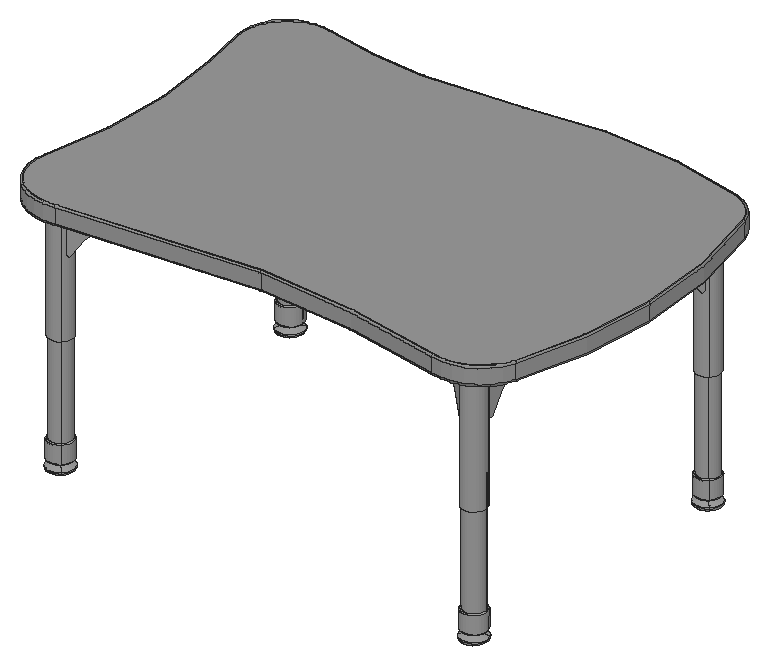
Revit family "Hierarchy Beluga Standard Desk - Youth Height", category Furniture, Revit 2018
Family settings
  Work Plane-Based = No
  Always vertical = Yes
  Cut with Voids When Loaded = No
  Shared = No
  Room Calculation Point = No
Parameters
  Surface = Hierarchy Beluga Desk Standard Youth Surface
  Leg Finish = Hierarchy Leg Platinum
  Height = 1' - 4"
  Edgeband = Hierarchy Beluga Desk Standard Youth Edgeband
  Casters/Gliders = Hierarchy Youth Leg - Glide : Hierarchy Youth Leg - Glide
Reference planes (in)
  plane 1 "Center (Front/Back)": y = 0
  plane 2: z = 0
  plane 3 "Center (Left/Right)": x = 0
  plane 4: z = 16
Dimensions and locks (in)
  "Height": plane 4 to level
  aligned and locked: plane 2 to level
  aligned and locked: nested 1 to plane 4
Nested families (in)
  nested 1: "Beluga Medium Tabletop" at (0, 0, -12.16932), type "Beluga Medium Tabletop"
  nested 2: "Hierarchy Youth Leg - Glide" at (-14.07723, 10.07218, 0) x (0.7166, 0.6975, 0) z (0, 0, 1), type <- "Casters/Gliders", Leg Finish <- "Leg Finish", Leg Height <- "Height", type "Hierarchy Youth Leg - Glide"
    with Leg Height 1' - 4", Leg Finish Hierarchy Leg Platinum
  nested 3: "Hierarchy Youth Leg - Glide" at (-14.27231, -8.66326, 0) x (-0.7071, 0.7071, 0) z (0, 0, 1), type <- "Casters/Gliders", Leg Finish <- "Leg Finish", Leg Height <- "Height", type "Hierarchy Youth Leg - Glide"
    with Leg Height 1' - 4", Leg Finish Hierarchy Leg Platinum
  nested 4: "Hierarchy Youth Leg - Glide" at (13.60932, -9.32872, 0) x (-0.8749, -0.4844, 0) z (0, 0, 1), Leg Finish <- "Leg Finish", Leg Height <- "Height", type "Hierarchy Youth Leg - Glide"
    with Leg Height 1' - 4", Leg Finish Hierarchy Leg Platinum
  nested 5: "Hierarchy Youth Leg - Glide" at (14.16725, 9.31424, 0) x (0.6975, -0.7166, 0) z (0, 0, 1), Leg Finish <- "Leg Finish", Leg Height <- "Height", type "Hierarchy Youth Leg - Glide"
    with Leg Height 1' - 4", Leg Finish Hierarchy Leg Platinum
Definition of nested family "Beluga Medium Tabletop"
  Parameters (values of type "Beluga Medium Tabletop")
    Surface = none
    Edgeband = none
  Reference planes (in)
    plane 1 "Center (Front/Back)": y = 0
    plane 2: z = 0
    plane 3 "Center (Left/Right)": x = 0
  Forms (in)
    Extrusion 1, solid, material <- "Surface"
      sketch origin (0, 0, 0) x (1, 0, 0) y (0, 1, 0)
        loop
          arc (-13.05798, 12.08168) -> (-15.64341, 11.36326) -> (-16.46477, 8.80867) r 2.82789
          line (-16.46477, 8.80867) -> (-15.88516, 5.68142)
          arc (-15.88516, 5.68142) -> (-15.40806, -0.79534) -> (-16.35239, -7.22063) r 29.65208
          arc (-16.35239, -7.22063) -> (-15.56424, -10.17848) -> (-12.64139, -11.08784) r 3.16705
          arc (-12.64139, -11.08784) -> (-6.35331, -10.12649) -> (0, -9.81097) r 62.33765
          arc (0, -9.81097) -> (6.2572, -10.16084) -> (12.43935, -11.18852) r 57.59241
          arc (12.43935, -11.18852) -> (14.6727, -10.8588) -> (16.1145, -9.12163) r 3.15622
          arc (16.1145, -9.12163) -> (17.2485, -4.62246) -> (17.65018, 0) r 28.9898
          arc (17.65018, 0) -> (17.26847, 4.97473) -> (16.06857, 9.81765) r 30.03763
          arc (16.06857, 9.81765) -> (15.33862, 10.95737) -> (14.16003, 11.62272) r 2.80546
          arc (14.16003, 11.62272) -> (7.04441, 12.69556) -> (-0.12141, 12.03676) r 29.89142
          arc (-0.12141, 12.03676) -> (-3.26921, 11.52773) -> (-6.45286, 11.34834) r 30.66359
          arc (-6.45286, 11.34834) -> (-9.7765, 11.52517) -> (-13.05798, 12.08168) r 28.99825
      from 28.16932 to 29.36932
    Sweep 2, solid, material <- "Edgeband"
      path origin (0, 0, 0) x (1, 0, 0) y (0, 1, 0)
        loop
          arc (-12.64139, -11.08784) -> (-6.35331, -10.12649) -> (0, -9.81097) r 62.33765
          arc (0, -9.81097) -> (6.2572, -10.16084) -> (12.43935, -11.18852) r 57.59241
          arc (12.43935, -11.18852) -> (14.6727, -10.8588) -> (16.1145, -9.12163) r 3.15622
          arc (16.1145, -9.12163) -> (17.2485, -4.62246) -> (17.65018, 0) r 28.9898
          arc (17.65018, 0) -> (17.26847, 4.97473) -> (16.06857, 9.81765) r 30.03763
          arc (16.06857, 9.81765) -> (15.33862, 10.95737) -> (14.16003, 11.62272) r 2.80546
          arc (14.16003, 11.62272) -> (7.04441, 12.69556) -> (-0.12141, 12.03676) r 29.89142
          arc (-0.12141, 12.03676) -> (-3.26921, 11.52773) -> (-6.45286, 11.34834) r 30.66359
          arc (-6.45286, 11.34834) -> (-9.7765, 11.52517) -> (-13.05798, 12.08168) r 28.99825
          arc (-13.05798, 12.08168) -> (-15.64341, 11.36326) -> (-16.46477, 8.80867) r 2.82789
          line (-16.46477, 8.80867) -> (-15.88516, 5.68142)
          arc (-15.88516, 5.68142) -> (-15.40806, -0.79534) -> (-16.35239, -7.22063) r 29.65208
          arc (-16.35239, -7.22063) -> (-15.56424, -10.17848) -> (-12.64139, -11.08784) r 3.16705
      profile origin (-6.35331, -10.12649, 0) x (-0.100496, 0.994938, 0) y (0, 0, 1)
        loop
          line (0, 28.16932) -> (0, 29.36932)
          arc (0, 29.36932) -> (-0.08278, 29.33503) -> (-0.11707, 29.25225) r 0.11707
          line (-0.11707, 29.25225) -> (-0.11707, 28.2864)
          arc (-0.11707, 28.2864) -> (-0.08278, 28.20361) -> (0, 28.16932) r 0.11707
  Dimensions and locks (in)
    aligned and locked: plane 2 to level
Definition of nested family "Hierarchy Youth Leg - Glide"
  Parameters (values of type "Hierarchy Youth Leg - Glide")
    Leg Finish [instance] = none
    Leg Height [instance] = 1' - 4.80117"
  Reference planes (in)
    plane 1 "Center (Front/Back)": y = 0
    plane 2: z = 0
    plane 3 "Center (Left/Right)": x = 0
  Forms (in)
    Extrusion 1, solid
      sketch origin (-0.01562, 0, 0) x (1, 0, 0) y (0, 1, 0)
        loop
          circle (0.01563, 0) r 0.67016
      from 0.67618 to 10.55018
    Revolve 2, solid
      sketch origin (0, 0, 0) x (1, 0, 0) y (0, 0, 1)
        loop
          line (-0.73189, 1.80118) -> (-0.79439, 1.73867) -> (-0.79439, 0.61381) -> (-0.73176, 0.55118) -> (-0.125, 0.55118) -> (-0.125, 0.42618) -> (-0.84656, 0.16241) -> (-0.84656, 0.08994) -> (-0.81359, 0) -> (0, 0) -> (0, 1.80118) -> (-0.73189, 1.80118)
        axis (0, 1.80118) -> (0, 0)
      angle from 0 to 360
  Dimensions and locks (in)
    "Leg Height": nested 1 to level  (x2)
    aligned and locked: plane 2 to level
  Automatic sketch dimensions
    plane 1 "Center (Front/Back)" to Extrusion 1 sketch curve = 0' - 0"
    Extrusion 1 sketch curve to plane 3 "Center (Left/Right)" = 0' - 0"
    Revolve 2 sketch curve to level = 0' - 0"
    Revolve 2 sketch curve to plane 3 "Center (Left/Right)" = 0' - 0"  (x2)
    Revolve 2 sketch curve to plane 3 "Center (Left/Right)" = 0' - 0 1/8"
    Revolve 2 sketch curve to Revolve 2 sketch curve = 0' - 0.60676"
    Revolve 2 sketch curve to Revolve 2 sketch curve = 0' - 0.73189"
    Revolve 2 sketch curve to Revolve 2 sketch curve = 0' - 0.06263"  (x2)
    Revolve 2 sketch curve to Revolve 2 sketch curve = 0' - 0.08183"
    Revolve 2 sketch curve to Revolve 2 sketch curve = 0' - 0.03297"
    level to Revolve 2 sketch curve = 0' - 0.08994"
    Revolve 2 sketch curve to Revolve 2 sketch curve = 0' - 0.07247"
    level to Revolve 2 sketch curve = 0' - 0.42618"
    Revolve 2 sketch curve to Revolve 2 sketch curve = 0' - 0 1/8"
    Revolve 2 sketch curve to Revolve 2 sketch curve = 0' - 1.12486"
    Revolve 2 sketch curve to Revolve 2 sketch curve = 0' - 0 1/16"
    Revolve 2 sketch curve to level = 2' - 0"
    Revolve 2 sketch curve to Revolve 2 sketch curve = 8' - 4.91764"
    radius of Extrusion 1 sketch curve = 0' - 0.67016"
  Nested families (in)
    nested 1: "Hierarchy Youth Upper Leg 2023" at (0, 0, 0), Leg Finish <- "Leg Finish", type "Hierarchy Youth Upper Leg 2023"
      with Leg Finish none
  Definition of nested family "Hierarchy Youth Upper Leg 2023"
    Parameters (values of type "Hierarchy Youth Upper Leg 2023")
      Leg Finish [instance] = none
    Reference planes (in)
      plane 1 "Center (Front/Back)": y = 0
      plane 2: z = 0
      plane 3 "Center (Left/Right)": x = 0
    Forms (in)
      Extrusion 1, solid, material <- "Leg Finish"
        sketch origin (0, 0, -11.001) x (1, 0, 0) y (0, 1, 0)
          loop
            circle (0, 0) r 0.75
        from 19.67618 to 27.67618
      Extrusion 2, solid, material <- "Leg Finish"
        sketch origin (0, 0, -11.001) x (1, 0, 0) y (0, 1, 0)
          loop
            line (-1.70174, 0.19183) -> (-2.88626, -2.26116)
            arc (-2.88626, -2.26116) -> (-2.83993, -3.09822) -> (-2.1063, -3.50394) r 0.86614
            line (-2.1063, -3.50394) -> (2.1063, -3.50394)
            arc (2.1063, -3.50394) -> (2.83993, -3.09822) -> (2.88626, -2.26116) r 0.86614
            line (2.88626, -2.26116) -> (1.70174, 0.19183)
            arc (1.70174, 0.19183) -> (0, 1.25984) -> (-1.70174, 0.19183) r 1.88976
        from 27.67618 to 27.80217
      Extrusion 3, solid, material <- "Leg Finish"
        sketch origin (-1.48519, 8.66524, -11.001) x (-0.434844, 0.900506, 0) y (0, 0, 1)
          loop
            line (-9.01425, 27.67618) -> (-11.80952, 27.67618)
            arc (-11.80952, 27.67618) -> (-11.92325, 27.58993) -> (-11.87088, 27.45715) r 0.11811
            arc (-11.87088, 27.45715) -> (-10.39364, 26.29679) -> (-9.23328, 24.81955) r 7.87402
            arc (-9.23328, 24.81955) -> (-9.1005, 24.76717) -> (-9.01425, 24.88091) r 0.11811
            line (-9.01425, 24.88091) -> (-9.01425, 27.67618)
        from -1.94075 to -1.81476
      Extrusion 4, solid, material <- "Leg Finish"
        sketch origin (1.48519, 8.66524, -11.001) x (0.434844, 0.900506, 0) y (0, 0, -1)
          loop
            line (-9.01425, -27.67618) -> (-9.01425, -24.88091)
            arc (-9.01425, -24.88091) -> (-9.1005, -24.76717) -> (-9.23328, -24.81955) r 0.11811
            arc (-9.23328, -24.81955) -> (-10.39364, -26.29679) -> (-11.87088, -27.45715) r 7.87402
            arc (-11.87088, -27.45715) -> (-11.92325, -27.58993) -> (-11.80952, -27.67618) r 0.11811
            line (-11.80952, -27.67618) -> (-9.01425, -27.67618)
        from -1.94075 to -1.81476
    Dimensions and locks (in)
      aligned and locked: plane 2 to level
